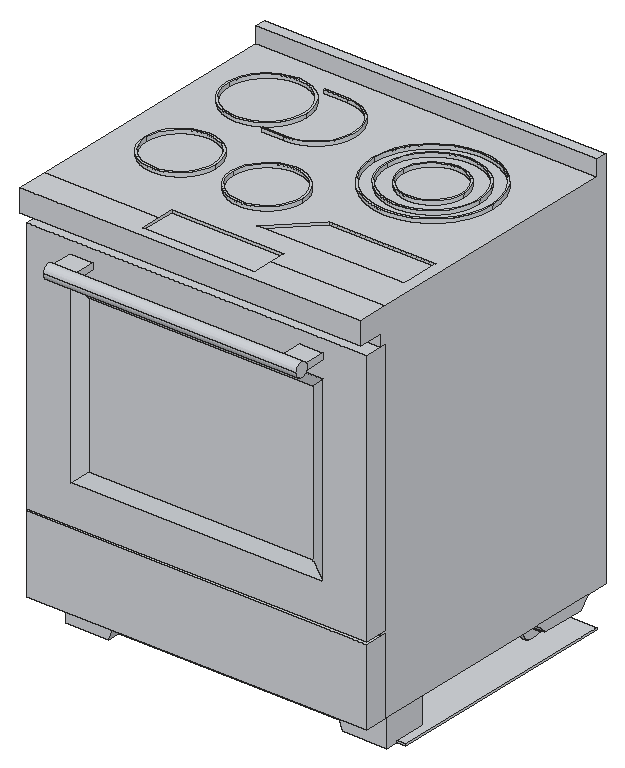
Revit family "IR304_TM_S_TH", category Generic Models, Revit 2020
Family settings
  Can host rebar = No
  Round Connector Dimension = Use Diameter
  Part Type = Normal
  Work Plane-Based = No
  Always vertical = Yes
  Cut with Voids When Loaded = No
  Shared = No
  Room Calculation Point = No
Parameters
  Default Elevation = 0' - 0"
Reference planes (in)
  plane 1 "Center (Front/Back)": y = 0
  plane 2: z = 0
  plane 3 "Center (Left/Right)": x = 0
Forms (in)
  Extrusion 1, solid
    sketch origin (0, 0, 0) x (0, 1, 0) y (0, 0, 1)
      loop
        line (26.14173, 36.9685) -> (25.15748, 36.9685) -> (25.15748, 35.59055) -> (1.9685, 35.59055) -> (-0.70866, 35.59055) -> (-0.70866, 33.62205) -> (1.53543, 33.62205) -> (1.53543, 3.14961) -> (26.14173, 3.14961) -> (26.14173, 36.9685)
    from 0 to 29.88426
  Extrusion 2, solid
    sketch origin (0, 0, 0) x (0, 1, 0) y (0, 0, 1)
      loop
        line (1.9685, 9.84252) -> (0, 9.84252) -> (0, 3.14961) -> (1.9685, 3.14961) -> (1.9685, 9.84252)
    from 0 to 29.88426
  Extrusion 3, solid
    sketch origin (0, 0, 0) x (0, 1, 0) y (0, 0, 1)
      loop
        line (0, 32.55906) -> (0, 10.05905) -> (1.9685, 10.05905) -> (1.9685, 32.55906) -> (0, 32.55906)
    from 0 to 29.88426
  Extrusion 4, solid
    sketch origin (0, 0, 0) x (1, 0, 0) y (0, 0, 1)
      loop
        line (0.84646, 3.14961) -> (0.84646, 0) -> (4.66535, 0) -> (5.90551, 3.14961) -> (0.84646, 3.14961)
    from -7.02923 to -3.18791
  Extrusion 5, solid
    sketch origin (0, 0, 0) x (1, 0, 0) y (0, 0, 1)
      loop
        line (23.97638, 3.14961) -> (25.21654, 0) -> (29.03543, 0) -> (29.03543, 3.14961) -> (23.97638, 3.14961)
    from -7.02923 to -3.18791
  Extrusion 6, solid
    sketch origin (0, 0, 0) x (0, 1, 0) y (0, 0, 1)
      loop
        line (24.17323, 3.14961) -> (18.66142, 3.14961) -> (19.45248, 2.27893) -> (23.38927, 2.27893) -> (24.17323, 3.14961)
    from 0 to 4.72441
  Extrusion 7, solid
    sketch origin (0, 0, 0) x (0, 1, 0) y (0, 0, 1)
      loop
        line (22.5954, 2.27893) -> (20.23924, 2.27893) -> (21.02362, 1.10236) -> (21.81102, 1.10236) -> (22.5954, 2.27893)
    from 1.5748 to 3.93701
  Extrusion 8, solid
    sketch origin (0, 0, 0) x (0, 1, 0) y (0, 0, 1)
      loop
        circle (21.41732, 1.10236) r 1.1236
    from 2.55906 to 2.95276
  Extrusion 9, solid
    sketch origin (25.15985, 0, 0) x (0, 1, 0) y (0, 0, 1)
      loop
        line (24.17323, 3.14961) -> (18.66142, 3.14961) -> (19.45248, 2.27893) -> (23.38927, 2.27893) -> (24.17323, 3.14961)
    from 0 to 4.72441
  Extrusion 10, solid
    sketch origin (24.3731, 0, 0) x (0, 1, 0) y (0, 0, 1)
      loop
        line (22.5954, 2.27893) -> (20.23924, 2.27893) -> (21.02362, 1.10236) -> (21.81102, 1.10236) -> (22.5954, 2.27893)
    from 1.5748 to 3.93701
  Extrusion 11, solid
    sketch origin (24.3731, 0, 0) x (0, 1, 0) y (0, 0, 1)
      loop
        circle (21.41732, 1.10236) r 1.1236
    from 2.55906 to 2.95276
  Blend 12, solid, not visible
    base sketch origin (0, 0, 0) x (1, 0, 0) y (0, 0, 1)
      loop
        circle (3.62205, 31.31299) r 1.45314
    top sketch origin (0, 0, 0) x (1, 0, 0) y (0, 0, 1)
      loop
        circle (3.62205, 31.31299) r 1.33532
    from 0 to 0.7874
  Extrusion 13, solid, not visible
    sketch origin (0, 0, 0) x (1, 0, 0) y (0, 0, 1)
      loop
        circle (3.62205, 31.31299) r 1.21601
    from 0 to 1.37795
  Extrusion 14, solid, not visible
    sketch origin (0, 0, 0) x (1, 0, 0) y (0, 0, 1)
      loop
        line (3.0315, 32.37598) -> (3.0315, 30.29013) -> (4.2126, 30.29013) -> (4.2126, 32.37598) -> (3.0315, 32.37598)
    from 0 to 2.15573
  Blend 15, void
    base sketch origin (0, 0, 0) x (1, 0, 0) y (0, 0, 1)
      loop
        line (5.09843, 28.20866) -> (5.09843, 14.58661) -> (24.78347, 14.58661) -> (24.78347, 28.20866) -> (5.09843, 28.20866)
    top sketch origin (0, 0, 0) x (1, 0, 0) y (0, 0, 1)
      loop
        line (26.02362, 29.38976) -> (3.85827, 29.38976) -> (3.85827, 13.40551) -> (26.02362, 13.40551) -> (26.02362, 29.38976)
    from -0.3937 to 0
  Extrusion 16, void
    sketch origin (0, 0, 0) x (1, 0, 0) y (0, 1, 0)
      loop
        line (10.01969, 3.34646) -> (10.01969, 0.19685) -> (19.8622, 0.19685) -> (19.8622, 3.34646) -> (10.01969, 3.34646)
    from 35.37101 to 39.66687
  Extrusion 17, void
    sketch origin (0, 0, 0) x (1, 0, 0) y (0, 1, 0)
      loop
        line (28.89764, 8.77953) -> (19.52756, 8.77953) -> (15.99202, 5.24399) -> (28.60428, 5.24399)
        arc (28.60428, 5.24399) -> (28.84667, 5.36421) -> (28.89764, 5.62992) r 0.30446
        line (28.89764, 5.62992) -> (28.89764, 8.77953)
    from 35.37101 to 39.66687
  Extrusion 18, solid
    sketch origin (0, 0, 0) x (1, 0, 0) y (0, 1, 0)
      loop
        circle (21.83646, 17.22776) r 2.74831
      loop
        circle (21.83646, 17.22776) r 2.62915
      loop
        circle (21.83646, 17.22776) r 4.13298
      loop
        circle (21.83646, 17.22776) r 4.01424
      loop
        circle (21.83646, 17.22776) r 5.2944
      loop
        circle (21.83646, 17.22776) r 5.16916
      loop
        circle (13.25496, 9.78585) r 3.12234
      loop
        circle (13.25496, 9.78585) r 2.97062
      loop
        circle (5.63557, 9.78585) r 3.12234
      loop
        circle (5.63557, 9.78585) r 2.97062
      loop
        circle (5.65539, 19.25032) r 3.50343
      loop
        circle (5.65539, 19.25032) r 3.34367
      loop
        line (8.01181, 22.61811) -> (9.98032, 22.61811)
        arc (9.98032, 22.61811) -> (13.34646, 19.25197) -> (9.98032, 15.88583) r 3.36614
        line (9.98032, 15.88583) -> (8.01181, 15.88583) -> (8.01181, 15.76772) -> (9.98032, 15.76772)
        arc (9.98032, 15.76772) -> (13.46457, 19.25197) -> (9.98032, 22.73622) r 3.48425
        line (9.98032, 22.73622) -> (8.01181, 22.73622) -> (8.01181, 22.61811)
    from 35.17645 to 35.88583
  Extrusion 19, solid
    sketch origin (0, 0, 0) x (0, 1, 0) y (0, 0, 1)
      loop
        line (0, 31.43701) -> (-2.3622, 31.43701) -> (-2.3622, 30.84646) -> (0, 30.84646) -> (0, 31.43701)
    from 3.85827 to 5.84646
  Extrusion 20, solid
    sketch origin (0, 0, 0) x (0, 1, 0) y (0, 0, 1)
      loop
        circle (-2.3622, 31.14173) r 0.59055
    from 3.85827 to 26.02362
  Extrusion 21, solid
    sketch origin (20.15748, 0, 0) x (0, 1, 0) y (0, 0, 1)
      loop
        line (0, 31.43701) -> (-2.3622, 31.43701) -> (-2.3622, 30.84646) -> (0, 30.84646) -> (0, 31.43701)
    from 3.85827 to 5.84646
  Extrusion 22, solid
    sketch origin (0, 0, 0) x (1, 0, 0) y (0, 1, 0)
      loop
        line (0, 25.15748) -> (0, 4.25197) -> (29.88426, 4.25197) -> (29.88426, 25.15748) -> (0, 25.15748)
    from 0 to 0.16219
Cuts and joins
  Blend 15, Extrusion 16 cuts Extrusion 3
  Extrusion 16, Extrusion 17 cuts Extrusion 1
  Extrusion 16 cuts Extrusion 2
  Extrusion 17 cuts Extrusion 5
Dimensions and locks (in)
  aligned and locked: plane 2 to level
